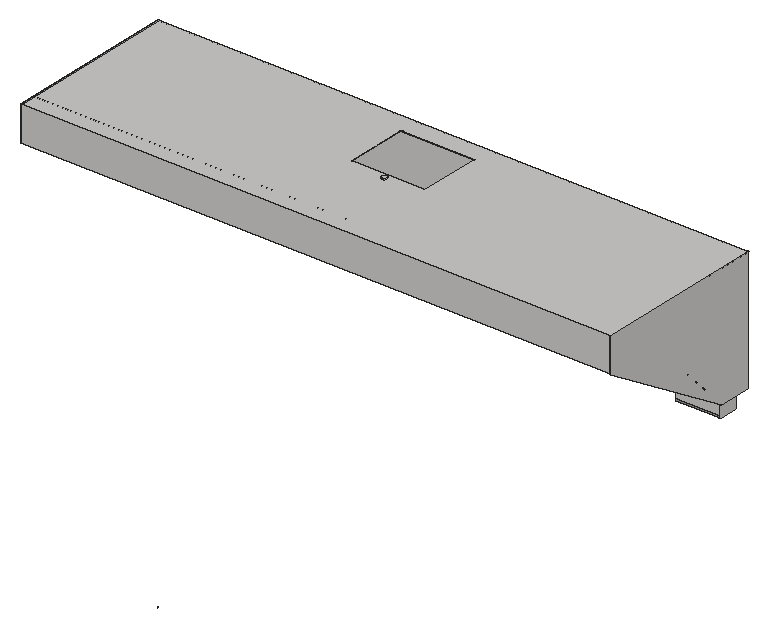
Revit family "QF_ELECTROLUXPROFESSIONAL_644181_AMPV724BT", category Attrezzature speciali, Revit 2021
Family settings
  Quota connettore circolare = Usa diametro
  Tipo di parte = Normale
  Basato su piano di lavoro = No
  Sempre verticale = Sì
  Taglio con vuoti quando caricato = No
  Condiviso = No
  Punto di calcolo locali = No
Parameters (values of type "Standard")
  Weight = 49.00 kg
  Watts = 550 W
  Volts = 220 V
  URL Manufacturer = "https://www.electroluxprofessional.com/"
  URL = "https://www.electroluxprofessional.com/"
  Steam Supply Size = 0 mm
  Steam Supply Minimum Pressure = 0.0 Pa
  Steam Supply Maximum Pressure = 0.0 Pa
  Steam Consumption per Hour = 0
  Refrigeration Suction Line Size = 0 mm
  Refrigeration Liquid Line Size = 0 mm
  Refrigerant Compressor Remote = yes
  Prospetto di default = 0 mm
  Produttore = "Electrolux Professional"
  Phase = 1
  Modello = "AMPV724BT"
  Length Actual = 2400 mm  # constant formula
  Item Number = "644181"
  Hot Water Size = 0 mm
  Height Actual = 500 mm  # constant formula
  HP = "0.7 HP"
  Gas Size = 0 mm
  Gas KW = 0
  Gas Input Pressure = 0 W
  Direct Waste Size = 0 mm
  Descrizione = "430 S/S WALL HOOD+FILTERS+FAN 2400X700MM"
  Depth Actual = 700 mm  # constant formula
  Cycle = 50 Hz
  Condensate Return Size = 0 mm
  Compressed Air Volume = 0.0 L/s
  Compressed Air Size = 0 mm
  Compressed Air Pressure = 0.0 Pa
  Cold Water Size = 0 mm
  Accessory = yes
Reference planes
  plane 1: z = 0
  plane 2 "Center (Left/Right)": x = 150
  plane 3 "LEFT": x = -1050
  plane 4 "RIGHT": x = 1350
  plane 5 "BACK": y = 550
  plane 6 "Plane": z = 2000
  plane 7 "TOP": z = 2140
  plane 8 "Base": z = 1640
  plane 9: z = 1566
  plane 10 "DrainY": y = 485
  plane 11: x = -1047
  plane 12: through (0, 414.509, 1640.8) normal (0, 0.7314, 0.682)
  plane 13: y = 470
  plane 14: y = 220
  plane 15 "DrainX": x = 1230
  plane 16: x = 300
  plane 17: x = 0
  plane 18: x = 1347
  plane 19: x = 1140
  plane 20: x = 1320
  plane 21: x = -1010
  plane 22: x = -645
  plane 23: x = -450
  plane 24: x = 1310
  plane 25: x = 945
  plane 26: x = 750
  plane 27: x = -47.5
  plane 28: x = 347.5
  plane 29 "Center (Front/Back)": y = 200
  plane 30 "Front": y = -150
Forms (mm)
  Extrusion 1, solid, material "QF_Finishes_Stainless Steel"
    sketch origin (-1050, 0, 0) x (0, 1, 0) y (0, 0, 1)
      loop
        line (550, 1640) -> (550, 2140) -> (-150, 2140) -> (-150, 1999.112) -> (413.973, 1640) -> (550, 1640)
    from 0 to 3
  Extrusion 2, solid, material "QF_Finishes_Stainless Steel"
    sketch origin (150, 0, 0) x (0, 1, 0) y (0, 0, 1)
      loop
        line (415.255, 1640) -> (550, 1640) -> (550, 2139.19) -> (549.2, 2139.19) -> (549.2, 1640.8) -> (415.876, 1640.8) -> (339.347, 1722.867) -> (349.609, 1732.436) -> (348.927, 1733.167) -> (337.934, 1722.917) -> (415.255, 1640)
      loop
        line (-82.203, 2139.19) -> (-82.203, 2118.6) -> (-31.047, 2118.6) -> (34.354, 2048.466) -> (46.028, 2059.352) -> (45.346, 2060.083) -> (34.403, 2049.879) -> (-30.612, 2119.6) -> (-81.203, 2119.6) -> (-81.203, 2139.19) -> (-82.203, 2139.19)
    from -1197 to 1197
  Extrusion 3, solid, material "QF_Finishes_Stainless Steel"
    sketch origin (1350, 0, 0) x (0, 1, 0) y (0, 0, 1)
      loop
        line (550, 1640) -> (550, 2140) -> (-150, 2140) -> (-150, 1999.112) -> (413.973, 1640) -> (550, 1640)
    from 0 to -3
  Extrusion 4, solid, material "QF_Finishes_Stainless Steel"
    sketch origin (150, 0, 0) x (0, 1, 0) y (0, 0, 1)
      loop
        line (-150, 2140) -> (-150, 2000) -> (-149.2, 2000) -> (-149.2, 2139.19) -> (550, 2139.19) -> (550, 2140) -> (-150, 2140)
    from -1200 to 1200
  Extrusion 5, solid, material "QF_Finishes_Stainless Steel"
    sketch origin (150, 0, 0) x (0, 1, 0) y (0, 0, 1)
      loop
        line (534, 1640) -> (436, 1640) -> (436, 1627) -> (443.5, 1627) -> (443.5, 1576)
        arc (443.5, 1576) -> (446.429, 1568.929) -> (453.5, 1566) r 10
        line (453.5, 1566) -> (516.5, 1566)
        arc (516.5, 1566) -> (523.571, 1568.929) -> (526.5, 1576) r 10
        line (526.5, 1576) -> (526.5, 1627) -> (534, 1627) -> (534, 1640)
    from 990 to 1170
  Extrusion 6, solid, material "QF_Finishes_Stainless Steel"
    sketch origin (0, 0, 1640) x (0, 1, 0) y (-1, 0, 0)
      loop
        circle (485, -1230) r 20
    from -76 to -74
  Extrusion 7, solid, material "QF_Finished_Chrome"
    sketch origin (150, 0, 0) x (0, 1, 0) y (0, 0, 1)
      loop
        line (337.934, 1722.917) -> (341.591, 1726.327) -> (38.011, 2051.876) -> (34.354, 2048.466) -> (337.934, 1722.917)
    from -795 to -1160
  Extrusion 8, solid, material "QF_Finished_Chrome"
    sketch origin (150, 0, 0) x (0, 1, 0) y (0, 0, 1)
      loop
        line (337.934, 1722.917) -> (341.591, 1726.327) -> (38.011, 2051.876) -> (34.354, 2048.466) -> (337.934, 1722.917)
    from -197.5 to -600
  Extrusion 9, solid, material "QF_Finishes_Stainless Steel"
    sketch origin (150, 0, 0) x (0, 1, 0) y (0, 0, 1)
      loop
        line (337.934, 1722.917) -> (341.591, 1726.327) -> (38.011, 2051.876) -> (34.354, 2048.466) -> (337.934, 1722.917)
    from 1197 to 1160
  Extrusion 10, solid, material "QF_Finishes_Stainless Steel"
    sketch origin (150, 0, 0) x (0, 1, 0) y (0, 0, 1)
      loop
        line (341.588, 1726.324) -> (38.009, 2051.874) -> (34.354, 2048.466) -> (337.934, 1722.917) -> (341.588, 1726.324)
    from -795 to -600
  Extrusion 11, solid, material "QF_Finished_Chrome"
    sketch origin (150, 0, 0) x (0, 1, 0) y (0, 0, 1)
      loop
        line (341.588, 1726.324) -> (38.009, 2051.874) -> (34.354, 2048.466) -> (337.934, 1722.917) -> (341.588, 1726.324)
    from 795 to 1160
  Extrusion 12, void
    sketch origin (0, 0, 2140) x (0, 1, 0) y (-1, 0, 0)
      loop
        line (470, 0) -> (220, 0) -> (220, -300) -> (470, -300) -> (470, 0)
    from 0 to -10
  Extrusion 13, solid, material "QF_Finishes_Stainless Steel"
    sketch origin (0, 0, 0) x (1, 0, 0) y (0, 1, 0)
      loop
        line (-1050, 550) -> (-1050, 549) -> (-1049, 549) -> (-1049, 550) -> (-1050, 550)
    from 0 to 1
  Extrusion 14, solid, material "QF_Finishes_Stainless Steel"
    sketch origin (150, 0, 0) x (0, 1, 0) y (0, 0, 1)
      loop
        line (337.934, 1722.917) -> (341.591, 1726.327) -> (38.011, 2051.876) -> (34.354, 2048.466) -> (337.934, 1722.917)
    from -1160 to -1197
  Extrusion 15, solid, material "QF_Finishes_Stainless Steel"
    sketch origin (150, 0, 0) x (0, 1, 0) y (0, 0, -1)
      loop
        line (341.588, -1726.324) -> (337.934, -1722.917) -> (34.354, -2048.466) -> (38.009, -2051.874) -> (341.588, -1726.324)
    from -795 to -600
  Extrusion 16, solid, material "QF_Finished_Chrome"
    sketch origin (150, 0, 0) x (0, 1, 0) y (0, 0, 1)
      loop
        line (337.934, 1722.917) -> (341.591, 1726.327) -> (38.011, 2051.876) -> (34.354, 2048.466) -> (337.934, 1722.917)
    from 600 to 197.5
  Extrusion 17, solid, material "QF_Finishes_Stainless Steel"
    sketch origin (150, 0, 0) x (0, 1, 0) y (0, 0, -1)
      loop
        line (341.588, -1726.324) -> (337.934, -1722.917) -> (34.354, -2048.466) -> (38.009, -2051.874) -> (341.588, -1726.324)
    from -197.5 to 197.5
  Extrusion 18, solid, material "QF_Finishes_Stainless Steel"
    sketch origin (0, 0, 2140) x (0, 1, 0) y (-1, 0, 0)
      loop
        circle (200, -150) r 10
    from 0 to 2
Cuts and joins
  Extrusion 12 cuts Extrusion 4
  joined: Extrusion 2, Extrusion 4
Lines and regions (mm)
  reference lines
    curve 1: line (150, 34.354, 2048.466) -> (150, 34.354, 1888.466)
  symbolic lines, style "SpecialityEquipment", detail levels coarse
    curve 2: line (1350, 550, 2140) -> (-1050, 550, 2140)
    curve 3: line (-1050, 550, 2140) -> (-1050, -150, 2140)
    curve 4: line (1350, -150, 2140) -> (1350, 550, 2140)
    curve 5: line (-1050, -150, 2140) -> (1350, -150, 2140)
    curve 6: line (0, 220, 2140) -> (300, 220, 2140)
    curve 7: line (0, 470, 2140) -> (0, 220, 2140)
    curve 8: line (300, 470, 2140) -> (0, 470, 2140)
    curve 9: line (300, 220, 2140) -> (300, 470, 2140)
  symbolic lines, detail levels coarse
    curve 10: line (-1050, -150, 2140) -> (1350, 550, 2140)
    curve 11: line (-1050, 550, 2140) -> (1350, -150, 2140)
Dimensions and locks
  plane 3 "LEFT" to plane 4 "RIGHT" = 2400 mm
  equal spacing: plane 3 "LEFT", plane 2 "Center (Left/Right)", plane 4 "RIGHT"
  locked: plane 6 "Plane" to level at 2000
  plane 7 "TOP" to plane 6 "Plane" = 140 mm
  locked: plane 7 "TOP" to plane 8 "Base" at 500
  plane 8 "Base" to plane 9 = 74 mm
  plane 5 "BACK" to plane 10 "DrainY" = 65 mm  (x2)
  plane 3 "LEFT" to plane 11 = 3 mm
  plane 5 "BACK" to plane 13 = 80 mm
  plane 13 to plane 14 = 250 mm  (x2)
  plane 15 "DrainX" to plane 4 "RIGHT" = 120 mm
  plane 18 to plane 4 "RIGHT" = 3 mm
  locked: plane 19 to plane 15 "DrainX" at 90
  locked: plane 15 "DrainX" to plane 20 at 90
  plane 13 to plane 5 "BACK" = 80 mm
  locked: plane 3 "LEFT" to plane 21 at 40
  locked: plane 21 to plane 22 at 365
  locked: plane 22 to plane 23 at 195
  locked: plane 24 to plane 25 at 365
  locked: plane 25 to plane 26 at 195
  locked: plane 24 to plane 4 "RIGHT" at 40
  locked: plane 27 to plane 28 at 395
  equal spacing: plane 27, plane 2 "Center (Left/Right)", plane 28
  locked: plane 17 to plane 16 at 300
  equal spacing: plane 17, plane 2 "Center (Left/Right)", plane 16
  plane 23 to plane 27 = 402.5 mm
  plane 28 to plane 26 = 402.5 mm
  locked: plane 5 "BACK" to plane 30 "Front" at 700
  equal spacing: plane 5 "BACK", plane 29 "Center (Front/Back)", plane 30 "Front"
  plane 5 "BACK" to plane 30 "Front" = 700 mm
  aligned and locked: level to plane 1
  aligned and locked: Extrusion 2 to Extrusion 1
  aligned and locked: Extrusion 2 to Extrusion 3
  aligned and locked: plane 4 "RIGHT" to Extrusion 4
  aligned and locked: Extrusion 4 to plane 3 "LEFT"
  aligned and locked: plane 18 to Extrusion 9
  aligned and locked: plane 17 to Extrusion 12
  aligned and locked: Extrusion 12 to plane 16
  aligned and locked: Extrusion 12 to plane 14
  aligned and locked: Extrusion 12 to plane 13
  aligned and locked: Extrusion 2 to Extrusion 4
  aligned and locked: plane 20 to Extrusion 5
  aligned and locked: Extrusion 5 to plane 19
  aligned and locked: Extrusion 9 to plane 24
  aligned and locked: Extrusion 11 to plane 24
  aligned and locked: Extrusion 11 to plane 25
  aligned and locked: Extrusion 8 to plane 23
  aligned and locked: plane 23 to Extrusion 10
  aligned and locked: Extrusion 10 to plane 22
  aligned and locked: plane 22 to Extrusion 7
  aligned and locked: Extrusion 7 to plane 21
  aligned and locked: Extrusion 14 to plane 11
  aligned and locked: plane 21 to Extrusion 14
  aligned and locked: Extrusion 15 to plane 26
  aligned and locked: Extrusion 15 to plane 25
  aligned and locked: Extrusion 3 to plane 18
  aligned and locked: plane 27 to Extrusion 8
  aligned and locked: Extrusion 16 to plane 26
  aligned and locked: Extrusion 16 to plane 28
  aligned and locked: plane 28 to Extrusion 17
  aligned and locked: Extrusion 17 to plane 27
Automatic sketch dimensions
  Extrusion 2 sketch curve to plane 12 = 0 mm  (x3)
  Extrusion 2 sketch curve to plane 8 "Base" = 0 mm
  plane 12 to Extrusion 2 sketch curve = 0 mm
  Extrusion 2 sketch curve to plane 5 "BACK" = 0 mm
  Extrusion 2 sketch curve to Extrusion 2 sketch curve = 65.646 mm
  Extrusion 2 sketch curve to Extrusion 2 sketch curve = 0.682 mm  (x2)
  Extrusion 2 sketch curve to Extrusion 2 sketch curve = 10.261 mm
  plane 8 "Base" to Extrusion 2 sketch curve = 82.917 mm
  Extrusion 2 sketch curve to Extrusion 2 sketch curve = 10.942 mm
  Extrusion 2 sketch curve to Extrusion 2 sketch curve = 0.049 mm
  Extrusion 2 sketch curve to plane 7 "TOP" = 20.4 mm
  Extrusion 2 sketch curve to plane 7 "TOP" = 21.4 mm
  Extrusion 2 sketch curve to plane 7 "TOP" = 0.81 mm  (x2)
  Extrusion 2 sketch curve to Extrusion 2 sketch curve = 50.156 mm
  Extrusion 2 sketch curve to Extrusion 2 sketch curve = 1 mm
  plane 8 "Base" to Extrusion 2 sketch curve = 0.8 mm
  Extrusion 2 sketch curve to plane 5 "BACK" = 0.8 mm
  Extrusion 4 sketch curve to plane 6 "Plane" = 0 mm
  Extrusion 4 sketch curve to plane 5 "BACK" = 0 mm
  Extrusion 4 sketch curve to plane 7 "TOP" = 0 mm
  Extrusion 4 sketch curve to plane 7 "TOP" = 0.81 mm
  curve 1 to plane 12 = 0 mm
  curve 1 to plane 6 "Plane" = 111.534 mm
  Extrusion 5 sketch curve to plane 8 "Base" = 0 mm
  Extrusion 5 sketch curve to plane 9 = 0 mm
  Extrusion 5 sketch curve to plane 8 "Base" = 13 mm  (x2)
  plane 13 to Extrusion 5 sketch curve = 34 mm
  Extrusion 5 sketch curve to Extrusion 5 sketch curve = 7.5 mm  (x2)
  Extrusion 5 sketch curve to Extrusion 5 sketch curve = 10 mm
  plane 10 "DrainY" to Extrusion 5 sketch curve = 31.5 mm
  Extrusion 5 sketch curve to plane 5 "BACK" = 23.5 mm
  Extrusion 6 sketch curve to plane 10 "DrainY" = 0 mm
  Extrusion 6 sketch curve to plane 15 "DrainX" = 0 mm
  Extrusion 7 sketch curve to plane 12 = 0 mm  (x2)
  Extrusion 7 sketch curve to Extrusion 7 sketch curve = 3.657 mm
  plane 8 "Base" to Extrusion 7 sketch curve = 82.917 mm
  Extrusion 8 sketch curve to plane 12 = 0 mm  (x2)
  Extrusion 8 sketch curve to Extrusion 8 sketch curve = 3.657 mm
  plane 8 "Base" to Extrusion 8 sketch curve = 82.917 mm
  Extrusion 9 sketch curve to plane 12 = 0 mm  (x2)
  Extrusion 9 sketch curve to Extrusion 9 sketch curve = 3.657 mm
  plane 8 "Base" to Extrusion 9 sketch curve = 82.917 mm
  Extrusion 10 sketch curve to plane 12 = 0 mm  (x2)
  Extrusion 10 sketch curve to Extrusion 10 sketch curve = 3.655 mm
  plane 8 "Base" to Extrusion 10 sketch curve = 82.917 mm
  Extrusion 11 sketch curve to plane 12 = 0 mm  (x2)
  Extrusion 11 sketch curve to Extrusion 11 sketch curve = 3.655 mm
  plane 8 "Base" to Extrusion 11 sketch curve = 82.917 mm
  Extrusion 12 sketch curve to plane 14 = 0 mm
  plane 13 to Extrusion 12 sketch curve = 0 mm
  Extrusion 12 sketch curve to plane 16 = 0 mm
  Extrusion 12 sketch curve to plane 17 = 0 mm
  Extrusion 13 sketch curve to plane 3 "LEFT" = 0 mm
  Extrusion 13 sketch curve to plane 5 "BACK" = 0 mm
  plane 3 "LEFT" to Extrusion 13 sketch curve = 1 mm
  Extrusion 13 sketch curve to Extrusion 13 sketch curve = 1 mm
  Extrusion 14 sketch curve to plane 12 = 0 mm  (x2)
  Extrusion 14 sketch curve to Extrusion 14 sketch curve = 3.657 mm
  plane 8 "Base" to Extrusion 14 sketch curve = 82.917 mm
  Extrusion 15 sketch curve to plane 12 = 0 mm  (x2)
  Extrusion 15 sketch curve to Extrusion 15 sketch curve = 3.655 mm
  plane 8 "Base" to Extrusion 15 sketch curve = 82.917 mm
  Extrusion 16 sketch curve to plane 12 = 0 mm  (x2)
  Extrusion 16 sketch curve to Extrusion 16 sketch curve = 3.657 mm
  plane 8 "Base" to Extrusion 16 sketch curve = 82.917 mm
  Extrusion 17 sketch curve to plane 12 = 0 mm  (x2)
  Extrusion 17 sketch curve to Extrusion 17 sketch curve = 3.655 mm
  plane 8 "Base" to Extrusion 17 sketch curve = 82.917 mm
  Extrusion 4 sketch curve to Extrusion 4 sketch curve = 0.8 mm
  plane 6 "Plane" to Extrusion 2 sketch curve = 48.466 mm
  Extrusion 4 sketch curve to plane 14 = 369.2 mm
  curve 1 to plane 14 = 185.646 mm
  plane 6 "Plane" to Extrusion 7 sketch curve = 51.876 mm
  plane 6 "Plane" to Extrusion 8 sketch curve = 51.876 mm
  plane 6 "Plane" to Extrusion 9 sketch curve = 51.876 mm
  plane 6 "Plane" to Extrusion 10 sketch curve = 51.874 mm
  plane 6 "Plane" to Extrusion 11 sketch curve = 51.874 mm
  plane 6 "Plane" to Extrusion 14 sketch curve = 51.876 mm
  plane 6 "Plane" to Extrusion 15 sketch curve = 51.874 mm
  plane 6 "Plane" to Extrusion 16 sketch curve = 51.876 mm
  plane 6 "Plane" to Extrusion 17 sketch curve = 51.874 mm
  Extrusion 1 sketch curve to plane 5 "BACK" = 0 mm
  Extrusion 1 sketch curve to plane 7 "TOP" = 0 mm
  plane 13 to Extrusion 1 sketch curve = 56.027 mm
  Extrusion 3 sketch curve to plane 30 "Front" = 0 mm
  Extrusion 3 sketch curve to plane 8 "Base" = 0 mm
  Extrusion 3 sketch curve to plane 5 "BACK" = 0 mm
  Extrusion 3 sketch curve to plane 7 "TOP" = 0 mm
  plane 13 to Extrusion 3 sketch curve = 56.027 mm
  Extrusion 3 sketch curve to plane 6 "Plane" = 0.888 mm
  Extrusion 1 sketch curve to plane 30 "Front" = 0 mm
  Extrusion 1 sketch curve to plane 8 "Base" = 0 mm
  Extrusion 1 sketch curve to plane 6 "Plane" = 0.888 mm
  Extrusion 18 sketch curve to plane 2 "Center (Left/Right)" = 0 mm
  Extrusion 18 sketch curve to plane 29 "Center (Front/Back)" = 0 mm
  curve 11 to plane 4 "RIGHT" = 0 mm
  curve 10 to plane 30 "Front" = 0 mm
  curve 7 to plane 14 = 0 mm
  plane 13 to curve 7 = 0 mm
  curve 3 to plane 5 "BACK" = 0 mm
  curve 11 to plane 3 "LEFT" = 0 mm
  curve 9 to plane 16 = 0 mm
  curve 7 to plane 17 = 0 mm
  radius of Extrusion 6 sketch curve = 20 mm
  radius of Extrusion 18 sketch curve = 10 mm
Connectors
  piping at (1230, 485, 1564), diameter 20
    settings: on Extrusion 6, index 1, connector inside diameter 609.6 mm, connector length 0 mm, flow factor 0, pipe flow 0.0 L/s, pressure drop 0.0 Pa, fitting loss kfactor 0, connector angle 0.00°, fixture units 0, engagement length 0 mm, angle of deflection 0.00°, flow configuration 1, flow direction 2, fitting loss method 0, system type 16, joint type 0, gender type 0, connector reference index -1, connector utility 0, adjustable connector no, is connector primary yes, connector description "Drain"
  hvac at (150, 345, 2140)
    settings: on Extrusion 12, index 2, duct flow 0.0 L/s, flow factor 0, pres drop 0.0 Pa, loss coef 0, conn angle 0.00°, conn width 250 mm, conn height 300 mm, conn diameter 609.6 mm, duct sys type 3, conn prof type 1, flow config 1, flow direction 2, loss method 0, conn ref index -1, conn util no, is conn primary yes, conn desc "EXHAUST OUTLET"
  electrical at (150, 200, 2142)
    settings: on Extrusion 18, index 3, voltage 0 V, apparent load 0 VA, apparent load phase1 0 VA, apparent load phase2 0 VA, apparent load phase3 0 VA, power factor 1, load classification "Other", number of poles 1, system type 30, power factor state 1, is connector primary yes, connector utility no, sub classification motor no, connector description "Electrical connection"
